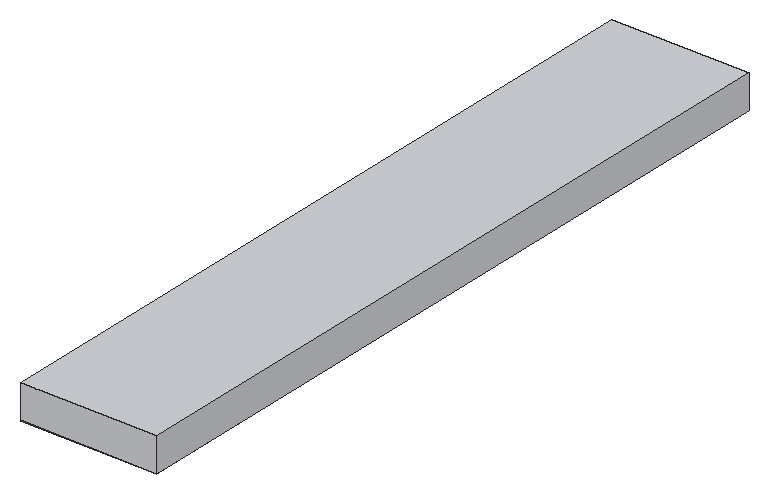
Revit family "ERK9584W_RAD764N", category 照明器具, Revit 2020
Family settings
  丸型コネクタ寸法 = 直径を使用
  パーツ タイプ = 標準
  OmniClass 番号 = 23.80.70.11.14.17
  OmniClass タイトル = Direct/Indirect
  作業面ベース = いいえ
  常に垂直 = はい
  ロード時にボイドで切り取り = はい
  光源 = はい
  共有 = いいえ
  部屋計算ポイント = いいえ
Parameters (values of type "ERK9584W_RAD764N")
  電源種別_記号 = "AC"
  電源種別 = ""
  防災用照明器具電源種別 = ""
  防災用照明器具種類 = ""
  運転質量 = 0.00 kg
  質量 = 0.00 kg
  負荷分類 = 8_照明
  積算_科目2 = "[1_1]照明"
  説明 = "ベースライト 逆富士 40Wタイプ W+230"
  誘導灯形式 = ""
  誘導灯仕様 = ""
  認定番号 = ""
  設置方法 = ""
  記号 = ""
  製造元 = "株式会社遠藤照明"
  製品質量 = 0.00 kg
  製品出荷対象 = ""
  製品リリース年月 = "2023.04"
  製品グループ = ""
  背面形式 = ""
  系統 [instance] = ""
  符号 = ""
  積算_科目 = "1 電灯設備"
  積算_拾い区分 = ""
  種別 [instance] = ""
  相 = 1
  皮相負荷 = 0 VA
  用途 = "E_一般照明"
  特殊仕様 [instance] = ""
  照明制御装置の種類 = ""
  法定耐用年数 = ""
  極数 = 1
  材質_本体 = none
  材質_反射板 = none
  材質_ルーバー = none
  材質_カバー = none
  材質 = ""
  既定の高さ = 0 mm
  形式 = "ベースライト"
  平均演色評価数(Ra) = 82
  定格消費電力 = 41.5 W
  定格入力電流 = 0 A
  定格入力電圧 = 0 V
  定格入力容量 = 0 VA
  定格光束 = 6797 lm
  安定器_蛍光灯 = ""
  安定器_定格電圧 = 0 V
  安定器_入力電流 = 0 A
  安定器_入力電力 = 0 W
  安定器_二次電圧 = 0 V
  埋込高さ = "0"
  埋込穴寸法 = "0"
  固有エネルギー消費効率(lm/W) = 163.7
  器具サイズ = ""
  呼称 = "ベースライト"
  周波数 = 0 Hz
  参照している仕様書等のバージョン = ""
  分類コード = "40305100000000"
  分類グループ = ""
  公共型番 = "LSS10-4-65"
  傾斜角 = 90.00°
  価格 = 33250
  企業コード = "6932"
  付属品 = ""
  仕様書バージョン = ""
  仕様 = ""
  Wattage = 45.7581 W
  built-in parameter 1150110 = 1 (stored number, unit not read)
  built-in parameter 1114217 = 1 (stored number, unit not read)
  built-in parameter 1150109 = 1 (stored number, unit not read)
  built-in parameter 1150134 = 2
  ランプの種類 = "LED"
  ランプ_電流 = 0 A
  ランプ_本数 = 0
  ランプ_定格消費電力 = 0 W
  ランプ_定格消費効率(lm/W) = 0
  ランプ_大きさ = ""
  ランプ_全光束 = 0 lm
  ランプ = "LED"
  モデル = "ERK9584W_RAD764N"
  フォトメトリック Web ファイル = "ERK9584W_RAD764N.IES"
  イメージ(タイプ) = <なし>
  シンボル表示 = yes
  built-in parameter 1150113 = 1 (stored number, unit not read)
  Lumens = 6797 lm
  built-in parameter 1150115 = 1 (stored number, unit not read)
  built-in parameter 1150105 = 540.89 (stored number, unit not read)
  built-in parameter 1150137 = (empty or 0)
  built-in parameter 1150139 = (empty or 0)
  built-in parameter 1150112 = 1 (stored number, unit not read)
  built-in parameter 1150114 = 1 (stored number, unit not read)
  built-in parameter 1150132 = 2
  built-in parameter 1150102 = (empty or 0)
  built-in parameter 1150138 = (empty or 0)
  built-in parameter 1150107 = 5000 (stored number, unit not read)
  built-in parameter 1150106 = 5.4089 (stored number, unit not read)
  built-in parameter 1150104 = 13.8 (stored number, unit not read)
  Dimming Lamp Color Temperature Shift = (empty or 0)
  サービススペース表示 = no
  コメント = ""
  グレア分類 = ""
  Keynote = ""
  Color Filter = 16777215
  built-in parameter 1114218 = 1 (stored number, unit not read)
  built-in parameter 1150133 = 10 (stored number, unit not read)
  カバー形状 = ""
  built-in parameter 1150142 = "IESNA:LM-63-2002\r\n[TEST] ERK9584W_RAD764N  HEC0K01(update:11111111)\r\n[MANUFAC] ENDO LIGHTING CORP.\r\n[LUMCAT] ERK9584W_RAD764N\r\n[LAMP] SDseries_6900lmÀ²Ìß_5000K 5000K\r\n[LAMPCAT] SDseries_6900lmÀ²??_5000K 6929 lm x1 5000K\r\nTILT=NONE\r\n1 6929 1.0 37 19 1 2 0 0 0\r\n1 1 0\r\n0 5 10 15 20 25 30 35 40 45 50 55 60 65 70 75 80 85 90 95 100 105 110 115 120 125 130 135 140 145 150 155 160 165 170 175 180 \r\n0 5 10 15 20 25 30 35 40 45 50 55 60 65 70 75 80 85 90 \r\n2102.9223 2101.5352 2076.289 2034.1196 1975.8592 1902.2015 1815.0883 1714.7972 1601.0508 1478.1491 1348.3949 1210.8172 1070.1461 930.3906 795.49 665.4861 545.9553 440.4485\r\n351.102 278.8037 223.2066 184.0334 149.646 113.2901 69.0191 30.4341 5.5522 4.8643 4.738 5.4048 5.6083 5.9592 5.6995 5.889 6.2821 6.6963\r\n7.0051\r\n2102.9223 2100.4255 2075.1793 2033.0099 1974.4721 1901.5079 1813.7012 1713.2714 1600.3572 1476.4845 1346.2864 1209.0555 1068.6757 928.7398 793.6867 663.669 544.1242 438.6313\r\n349.2987 277.153 221.8056 182.7434 148.5224 112.0264 67.9385 29.5685 5.3662 4.8362 4.7449 5.3837 5.6119 5.9663 5.6995 5.9032 6.2961 6.7033\r\n6.9771\r\n2102.9223 2099.0383 2073.0986 2031.3453 1972.3914 1899.011 1811.2043 1710.4971 1597.1667 1473.5715 1343.1237 1205.546 1064.431 924.079 788.6375 658.2868 538.4785 433.0411\r\n343.9305 272.2286 217.5887 179.0536 145.1793 108.3768 64.78 27.0134 4.8853 4.7694 4.752 5.3486 5.6153 5.9697 5.703 5.9417 6.3207 6.6963\r\n6.9209\r\n2102.9223 2097.6512 2071.7114 2029.1259 1970.1719 1895.8206 1808.1526 1707.0292 1593.0053 1468.9939 1337.8664 1199.5813 1057.8976 916.7826 780.4949 649.4507 529.2401 423.8165\r\n335.0527 264.1276 210.639 173.0472 139.6723 102.48 59.7405 22.9241 4.2957 4.7029 4.7871 5.2995 5.6119 5.9734 5.7101 5.9803 6.3454 6.6647\r\n6.8787\r\n2102.9223 2096.264 2070.6017 2027.4613 1967.8137 1893.7398 1804.9621 1702.8677 1588.4277 1462.7517 1330.8474 1191.508 1048.9088 906.7674 769.4393 637.2992 516.5338 410.9992\r\n322.7764 252.961 201.2064 164.8353 132.0666 94.1626 52.924 17.7153 3.9728 4.6642 4.8713 5.2678 5.6153 5.9839 5.7277 6.0154 6.3489 6.6402\r\n6.8577\r\n2102.9223 2093.7671 2067.4113 2023.9934 1963.9297 1889.5784 1799.6909 1697.874 1582.4629 1456.3708 1323.121 1182.3806 1037.8255 894.2136 755.5817 622.1793 500.5399 394.7834\r\n307.2542 238.9924 189.4711 154.5149 122.5202 83.8089 44.6025 12.3187 4.0079 4.6396 4.9731 5.2644 5.647 5.9943 5.7417 6.0435 6.3383 6.6191\r\n6.8437\r\n2102.9223 2091.2703 2064.637 2020.3868 1959.3521 1883.8911 1793.31 1690.5221 1574.2787 1448.0479 1313.9936 1171.8521 1025.4659 879.6069 738.9775 604.1324 481.3695 375.4188\r\n288.8744 222.4992 175.6551 142.3773 110.8681 71.6658 35.0353 7.321 4.0746 4.6396 5.0818 5.2749 5.6821 6.019 5.7486 6.0505 6.3348 6.6051\r\n6.8473\r\n2102.9223 2089.6057 2062.8337 2018.0286 1955.8842 1879.036 1787.0679 1682.4766 1565.2623 1437.783 1302.7576 1159.9226 1011.858 863.8211 720.5145 583.4639 459.3276 353.0995\r\n267.6371 203.6894 160.1744 128.521 97.2158 58.3297 24.3778 4.5028 4.1377 4.6607 5.1802 5.3029 5.7171 6.0505 5.7592 6.0505 6.3348 6.6016\r\n6.8507\r\n2102.9223 2089.8831 2062.5562 2017.6125 1954.0809 1875.4294 1781.7967 1675.4021 1556.8006 1427.6568 1291.1888 1145.8846 996.6548 846.7592 700.9279 561.0059 435.0802 328.4221\r\n244.2636 183.2289 143.3899 113.3594 81.5285 44.4665 13.8418 3.7833 4.1974 4.7239 5.2538 5.3557 5.7557 6.0716 5.7732 6.047 6.3243 6.6051\r\n6.8542\r\n2102.9223 2090.2993 2062.1401 2016.5028 1952.2776 1872.3777 1777.2191 1669.8535 1549.0326 1418.2241 1279.2454 1132.1934 980.3003 828.0881 679.8016 536.8972 408.6827 301.4281\r\n218.7816 161.298 125.5733 97.0049 63.9449 30.2871 6.2647 3.8781 4.2887 4.7941 5.3415 5.4048 5.7908 6.0961 5.7979 6.0435 6.3312 6.612\r\n6.8542\r\n2102.9223 2090.5767 2061.8627 2015.8092 1950.1969 1869.1872 1773.0576 1663.8888 1541.6807 1409.3464 1269.0776 1119.2097 964.6809 809.3477 658.0094 511.9423 380.7871 272.8667\r\n192.0096 138.7984 107.0077 79.5629 46.0812 16.0383 3.8008 3.9448 4.3834 4.8607 5.4433 5.4609 5.8188 6.1243 5.8188 6.047 6.3312 6.6225\r\n6.8473\r\n2102.9223 2089.8831 2061.4465 2014.8382 1949.2259 1866.4129 1768.7574 1657.924 1534.3288 1400.6073 1258.5491 1107.627 950.3655 791.3424 636.1063 486.1135 351.6569 242.7516\r\n164.0307 115.9215 87.7401 60.2939 29.0234 5.7908 3.7973 4.0395 4.4536 4.9345 5.5381 5.5346 5.8399 6.1558 5.8435 6.0541 6.3383 6.6331\r\n6.8507\r\n2102.9223 2089.1895 2059.3658 2012.3413 1946.0355 1862.1128 1763.4863 1651.9593 1527.2543 1391.8683 1248.0206 1096.0442 936.3969 774.3221 614.9522 460.4928 321.9718 211.5545\r\n135.5414 93.3553 68.1563 39.9389 13.0206 3.9308 3.8886 4.1694 4.5168 5.0257 5.6434 5.6153 5.861 6.1874 5.8645 6.0645 6.3348 6.6402\r\n6.8473\r\n2102.9223 2090.5767 2061.4465 2012.3413 1945.3419 1861.1418 1760.9894 1648.0752 1521.7057 1385.5845 1239.9474 1086.2232 924.5645 759.7847 596.3505 436.6616 293.1884 180.3159\r\n107.2879 71.8406 48.4671 21.4787 4.6327 3.9308 4.0114 4.2641 4.5905 5.1205 5.7241 5.6995 5.8855 6.2225 5.889 6.0821 6.3454 6.6436\r\n6.8542\r\n2102.9223 2094.8769 2065.0531 2015.5318 1947.4226 1862.5289 1760.9894 1646.2719 1518.2378 1380.3272 1233.622 1077.8032 914.8128 747.4668 580.3844 415.2855 265.8477 149.535\r\n79.7723 51.4148 28.112 6.7384 4.3519 4.001 4.1132 4.3799 4.6889 5.2047 5.7908 5.7837 5.9206 6.2541 5.9137 6.0996 6.3523 6.6471\r\n6.8542\r\n2102.9223 2095.5704 2065.3305 2015.5318 1946.729 1861.8353 1760.9894 1646.2719 1517.5442 1378.5655 1230.1125 1071.8246 906.809 737.188 567.1509 397.1416 240.9344 120.0289\r\n53.662 31.7616 10.6691 4.5625 4.387 4.0361 4.2536 4.4747 4.7343 5.2784 5.8435 5.8645 5.9768 6.2892 5.9383 6.1207 6.3629 6.6507\r\n6.8577\r\n2102.9223 2095.1543 2064.637 2014.4221 1945.3419 1860.032 1757.9377 1642.804 1513.9376 1375.4166 1226.603 1068.3151 902.0372 730.2384 557.2189 383.3811 221.0981 93.6716\r\n30.4979 13.8629 4.8432 4.4923 4.4221 4.2115 4.3625 4.5625 4.8011 5.3346 5.8855 5.9206 6.0399 6.3172 5.9628 6.1452 6.3769 6.6576\r\n6.8647\r\n2102.9223 2090.9928 2060.4755 2010.538 1941.0417 1855.4544 1753.3601 1638.2264 1509.7762 1370.1455 1220.985 1062.0035 895.684 723.9269 549.9086 373.5878 206.9492 73.7008\r\n12.5995 5.0889 4.8783 4.738 4.6327 4.3168 4.3308 4.6081 4.8222 5.3557 5.9032 5.9628 6.0892 6.3454 5.9803 6.1663 6.3874 6.6612\r\n6.8718\r\n2102.9223 2083.2248 2053.1236 2003.1861 1932.9962 1848.1025 1746.9792 1631.8455 1504.0889 1365.2349 1215.7277 1057.093 890.94 719.2522 545.5946 369.3431 202.0109 66.12\r\n4.8432 5.124 4.9134 4.6327 4.4923 4.2817 4.3238 4.6045 4.8362 5.3626 5.9172 5.9734 6.1137 6.3594 5.9943 6.1768 6.3945 6.6612\r\n6.8718\r\n"
  diameter = 0 mm
  Width = 230 mm
  Version = ""
  Uniclass2015Version = ""
  Uniclass2015Title = ""
  Uniclass2015Code = ""
  URL = "https://www.endo-lighting.co.jp/"
  SpecificationReference = ""
  SpecificationDescription = ""
  Revision = ""
  ProductInformation = ""
  OmniClassCode = "23.80.70.11.14.17"
  LED制御装置 = ""
  IfcTypeProduct = ""
  IfcProduct = ""
  IfcExportType = ""
  IfcExportAs = "IfcLightFixtureType"
  Height = 57 mm
  Depth = 1250 mm
  Clearance Top = 0 mm
  Clearance Right = 0 mm
  Clearance Left = 0 mm
  Clearance Front = 0 mm
  Clearance Bottom = 0 mm
  Clearance Back = 0 mm
  Author = "遠藤照明"
Reference planes
  plane 1 "光源軸(正面/背面)": y = 0
  plane 2: z = 0
  plane 3 "光源軸(左/右)": x = 0
  plane 4 "光源高さ": z = -157
  plane 5: x = 115
  plane 6: x = -115
  plane 7: y = 625
  plane 8: y = -625
  plane 9: z = -57
  plane 10: z = 0
  plane 11: z = -59
Forms (mm)
  Extrusion 1, solid
    sketch origin (0, 0, 0) x (1, 0, 0) y (0, 0, 1)
      loop
        line (-115, -57) -> (115, -57) -> (115, 0) -> (-115, 0) -> (-115, -57)
    from 625 to -625
  Extrusion 2, solid, material "発光面"
    sketch origin (0, 0, 0) x (1, 0, 0) y (0, 0, 1)
      loop
        line (-115, -59) -> (115, -59) -> (115, -57) -> (-115, -57) -> (-115, -59)
    from 625 to -625
Lines and regions (mm)
  symbolic lines, detail levels fine
    curve 1: line (115, 625, 0) -> (-115, 625, 0)
    curve 2: line (115, -625, 0) -> (115, 625, 0)
    curve 3: line (-115, 625, 0) -> (-115, -625, 0)
    curve 4: line (-115, -625, 0) -> (115, -625, 0)
Dimensions and locks
  equal spacing: plane 6, plane 3 "光源軸(左/右)", plane 5
  "Width": plane 6 to plane 5
  equal spacing: plane 8, plane 1 "光源軸(正面/背面)", plane 7
  "Depth": plane 8 to plane 7
  "Height": plane 2 to plane 9
  locked: plane 9 to plane 4 "光源高さ" at 100
  locked: plane 9 to plane 11 at 2
  aligned and locked: plane 3 "光源軸(左/右)" to imposter light
  aligned and locked: plane 1 "光源軸(正面/背面)" to imposter light
  aligned and locked: plane 4 "光源高さ" to imposter light
  aligned and locked: level to plane 2
  aligned and locked: plane 6 to Extrusion 1 sketch curve
  aligned and locked: plane 2 to Extrusion 1 sketch curve
  aligned and locked: plane 5 to Extrusion 1 sketch curve
  aligned and locked: plane 7 to Extrusion 1
  aligned and locked: plane 8 to Extrusion 1
  aligned and locked: Extrusion 2 sketch curve to plane 11
  aligned and locked: plane 6 to Extrusion 2 sketch curve
  aligned and locked: Extrusion 2 sketch curve to Extrusion 1  (x2)
  aligned and locked: plane 7 to Extrusion 2
  aligned and locked: plane 8 to Extrusion 2
  aligned and locked: curve 1 to Extrusion 1
  aligned and locked: curve 2 to Extrusion 1
  aligned and locked: curve 3 to Extrusion 1
  aligned and locked: curve 4 to Extrusion 1
Automatic sketch dimensions
  Extrusion 1 sketch curve to plane 9 = 0 mm
Nested families
  nested 1: "symbol_line" at (0, 0, 0) x (0, -1, 0) z (0, 0, 1), visible <- "シンボル表示", type "1/100", detail levels coarse+medium
Connectors
  electrical at (0, 0, 0), driven by "極数", driven by "負荷分類", driven by "定格入力電圧", driven by "皮相負荷"
    settings: on Extrusion 1, index 1, voltage 0 V, apparent load 0 VA, apparent load phase1 0 VA, apparent load phase2 0 VA, apparent load phase3 0 VA, power factor 1, load classification "8_照明", number of poles 1, system type 30, power factor state 1, is connector primary yes, connector utility no, sub classification motor no, connector description ""
Definition of nested family "symbol_line"
  Parameters (values of type "1/100")
    縮尺倍率 = if([縮尺1/50], 1.25, if([縮尺1/100], 1, if([縮尺1/200], 0.8, 0)))  # 1
    縮尺1/50 = no
    縮尺1/200 = no
    縮尺1/100 = yes
    W = 12 mm * 縮尺倍率  # 12 mm
    D = 1.5 mm * 縮尺倍率  # 1.5 mm
  Reference planes
    plane 1: y = 0
    plane 2: x = 0
  Lines and regions (mm)
    Masking region 1
      outline origin (0, 0, 0) x (1, 0, 0) y (0, 1, 0)
        loop
          line (-6, 0.75) -> (-6, -0.75) -> (6, -0.75) -> (6, 0.75) -> (-6, 0.75)
    reference lines
      curve 1: line (-304.8, 0.75, 0) -> (304.8, 0.75, 0)
      curve 2: line (304.8, -0.75, 0) -> (-304.8, -0.75, 0)
      curve 3: line (-6, -304.8, 0) -> (-6, 304.8, 0)
      curve 4: line (6, 304.8, 0) -> (6, -304.8, 0)
      curve 5: line (-6, 0.75, 0) -> (6, 0.75, 0)
      curve 6: line (-6, -0.75, 0) -> (-6, 0.75, 0)
      curve 7: line (6, 0.75, 0) -> (6, -0.75, 0)
    detail lines
      curve 8: line (-6, 0.75, 0) -> (6, 0.75, 0)
      curve 9: line (-6, -0.75, 0) -> (-6, 0.75, 0)
      curve 10: line (6, 0.75, 0) -> (6, -0.75, 0)
      curve 11: line (6, -0.75, 0) -> (-6, -0.75, 0)
  Dimensions and locks
    equal spacing: curve 2, plane 1, curve 1, locked at 0.75 each
    equal spacing: curve 3, plane 2, curve 4, locked at 6 each
    "W": curve 3 to curve 4
    "D": curve 2 to curve 1
    aligned and locked: curve 1 to curve 5
    aligned and locked: curve 3 to curve 6
    aligned and locked: curve 4 to curve 7
    aligned and locked: curve 9 to curve 6
    aligned and locked: curve 10 to curve 7
    aligned and locked: curve 1 to curve 8
    aligned and locked: curve 2 to curve 11
    aligned and locked: Masking region 1 sketch curve to curve 8
    aligned and locked: Masking region 1 sketch curve to curve 10
    aligned and locked: Masking region 1 sketch curve to curve 11
    aligned and locked: Masking region 1 sketch curve to curve 9
  Automatic sketch dimensions
    curve 1 to curve 5 = 298.8 mm
    curve 2 to curve 1 = 0 mm  (x2)
    curve 5 to curve 1 = 298.8 mm
    curve 4 to curve 7 = 304.05 mm
    curve 3 to curve 4 = 0 mm  (x2)
    curve 5 to curve 3 = 304.05 mm
